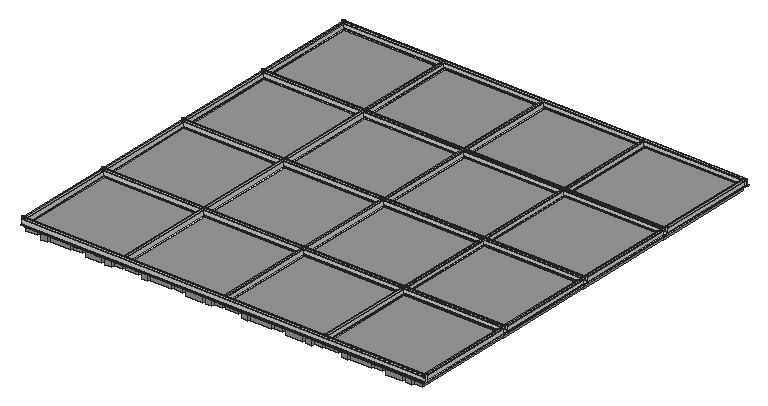
Revit family "GRD-FPG-013_TILE 003_RFA", category Modelos genéricos, Revit 2022 (continued)
Forms (in)
  Extrusion 293, solid, not visible
    sketch origin (0.02767, 82.90856, 0) x (1, 0, 0) y (0, 0, 1)
      loop
        line (0.38057, 0.6318) -> (-0.00639, 0.6318) -> (-0.00639, 0.59057) -> (0.8874, 0.59057) -> (0.8874, 0.6318) -> (0.49998, 0.6318)
        arc (0.49998, 0.6318) -> (0.47046, 0.64403) -> (0.45824, 0.67354) r 0.04174
        line (0.45824, 0.67354) -> (0.45834, 1.66259)
        arc (0.45834, 1.66259) -> (0.46543, 1.67969) -> (0.48252, 1.68677) r 0.02418
        line (0.48252, 1.68677) -> (0.52252, 1.68677)
        arc (0.52252, 1.68677) -> (0.55303, 1.69941) -> (0.56566, 1.72991) r 0.04314
        line (0.56566, 1.72991) -> (0.56566, 2.14095)
        arc (0.56566, 2.14095) -> (0.5626, 2.15637) -> (0.55386, 2.16944) r 0.04029
        line (0.55386, 2.16944) -> (0.47053, 2.25277)
        arc (0.47053, 2.25277) -> (0.44027, 2.2653) -> (0.41002, 2.25277) r 0.04279
        line (0.41002, 2.25277) -> (0.32669, 2.16944)
        arc (0.32669, 2.16944) -> (0.31795, 2.15637) -> (0.31489, 2.14095) r 0.04029
        line (0.31489, 2.14095) -> (0.31489, 1.72991)
        arc (0.31489, 1.72991) -> (0.32752, 1.69941) -> (0.35803, 1.68677) r 0.04314
        line (0.35803, 1.68677) -> (0.39803, 1.68677)
        arc (0.39803, 1.68677) -> (0.41512, 1.67969) -> (0.42221, 1.66259) r 0.02418
      loop
        arc (0.33294, 1.7291) -> (0.34005, 1.71194) -> (0.35722, 1.70483) r 0.02428
        line (0.35722, 1.70483) -> (0.39815, 1.70483)
        arc (0.39815, 1.70483) -> (0.42797, 1.69248) -> (0.44023, 1.66266) r 0.04217
        arc (0.44023, 1.66266) -> (0.45258, 1.69248) -> (0.4824, 1.70483) r 0.04217
        line (0.4824, 1.70483) -> (0.52333, 1.70483)
        arc (0.52333, 1.70483) -> (0.54049, 1.71194) -> (0.54761, 1.7291) r 0.02428
        line (0.54761, 1.7291) -> (0.54761, 2.15016) -> (0.45704, 2.24072)
        arc (0.45704, 2.24072) -> (0.44027, 2.24767) -> (0.42351, 2.24072) r 0.02371
        line (0.42351, 2.24072) -> (0.33294, 2.15016) -> (0.33294, 1.7291)
    from 58.93614 to 81.99864
  Extrusion 294, solid, not visible
    sketch origin (0, 0, 0) x (0, 1, 0) y (0, 0, 1)
      loop
        line (0.42221, 1.66259) -> (0.42231, 0.67354)
        arc (0.42231, 0.67354) -> (0.41009, 0.64403) -> (0.38057, 0.6318) r 0.04174
        line (0.38057, 0.6318) -> (-0.00639, 0.6318) -> (-0.00639, 0.59057) -> (0.8874, 0.59057) -> (0.8874, 0.6318) -> (0.49998, 0.6318)
        arc (0.49998, 0.6318) -> (0.47046, 0.64403) -> (0.45824, 0.67354) r 0.04174
        line (0.45824, 0.67354) -> (0.45834, 1.66259)
        arc (0.45834, 1.66259) -> (0.46543, 1.67969) -> (0.48252, 1.68677) r 0.02418
        line (0.48252, 1.68677) -> (0.52252, 1.68677)
        arc (0.52252, 1.68677) -> (0.55303, 1.69941) -> (0.56566, 1.72991) r 0.04314
        line (0.56566, 1.72991) -> (0.56566, 2.14095)
        arc (0.56566, 2.14095) -> (0.5626, 2.15637) -> (0.55386, 2.16944) r 0.04029
        line (0.55386, 2.16944) -> (0.47053, 2.25277)
        arc (0.47053, 2.25277) -> (0.44027, 2.2653) -> (0.41002, 2.25277) r 0.04279
        line (0.41002, 2.25277) -> (0.32669, 2.16944)
        arc (0.32669, 2.16944) -> (0.31795, 2.15637) -> (0.31489, 2.14095) r 0.04029
        line (0.31489, 2.14095) -> (0.31489, 1.72991)
        arc (0.31489, 1.72991) -> (0.32752, 1.69941) -> (0.35803, 1.68677) r 0.04314
        line (0.35803, 1.68677) -> (0.39803, 1.68677)
        arc (0.39803, 1.68677) -> (0.41512, 1.67969) -> (0.42221, 1.66259) r 0.02418
      loop
        arc (0.33294, 1.7291) -> (0.34005, 1.71194) -> (0.35722, 1.70483) r 0.02428
        line (0.35722, 1.70483) -> (0.39815, 1.70483)
        arc (0.39815, 1.70483) -> (0.42797, 1.69248) -> (0.44023, 1.66266) r 0.04217
        arc (0.44023, 1.66266) -> (0.45258, 1.69248) -> (0.4824, 1.70483) r 0.04217
        line (0.4824, 1.70483) -> (0.52333, 1.70483)
        arc (0.52333, 1.70483) -> (0.54049, 1.71194) -> (0.54761, 1.7291) r 0.02428
        line (0.54761, 1.7291) -> (0.54761, 2.15016) -> (0.45704, 2.24072)
        arc (0.45704, 2.24072) -> (0.44027, 2.24767) -> (0.42351, 2.24072) r 0.02371
        line (0.42351, 2.24072) -> (0.33294, 2.15016) -> (0.33294, 1.7291)
    from 0 to 96.9361
  Extrusion 295, solid, not visible
    sketch origin (0, 24, 0) x (0, 1, 0) y (0, 0, 1)
      loop
        line (0.42221, 1.66259) -> (0.42231, 0.67354)
        arc (0.42231, 0.67354) -> (0.41009, 0.64403) -> (0.38057, 0.6318) r 0.04174
        line (0.38057, 0.6318) -> (-0.00639, 0.6318) -> (-0.00639, 0.59057) -> (0.8874, 0.59057) -> (0.8874, 0.6318) -> (0.49998, 0.6318)
        arc (0.49998, 0.6318) -> (0.47046, 0.64403) -> (0.45824, 0.67354) r 0.04174
        line (0.45824, 0.67354) -> (0.45834, 1.66259)
        arc (0.45834, 1.66259) -> (0.46543, 1.67969) -> (0.48252, 1.68677) r 0.02418
        line (0.48252, 1.68677) -> (0.52252, 1.68677)
        arc (0.52252, 1.68677) -> (0.55303, 1.69941) -> (0.56566, 1.72991) r 0.04314
        line (0.56566, 1.72991) -> (0.56566, 2.14095)
        arc (0.56566, 2.14095) -> (0.5626, 2.15637) -> (0.55386, 2.16944) r 0.04029
        line (0.55386, 2.16944) -> (0.47053, 2.25277)
        arc (0.47053, 2.25277) -> (0.44027, 2.2653) -> (0.41002, 2.25277) r 0.04279
        line (0.41002, 2.25277) -> (0.32669, 2.16944)
        arc (0.32669, 2.16944) -> (0.31795, 2.15637) -> (0.31489, 2.14095) r 0.04029
        line (0.31489, 2.14095) -> (0.31489, 1.72991)
        arc (0.31489, 1.72991) -> (0.32752, 1.69941) -> (0.35803, 1.68677) r 0.04314
        line (0.35803, 1.68677) -> (0.39803, 1.68677)
        arc (0.39803, 1.68677) -> (0.41512, 1.67969) -> (0.42221, 1.66259) r 0.02418
      loop
        arc (0.33294, 1.7291) -> (0.34005, 1.71194) -> (0.35722, 1.70483) r 0.02428
        line (0.35722, 1.70483) -> (0.39815, 1.70483)
        arc (0.39815, 1.70483) -> (0.42797, 1.69248) -> (0.44023, 1.66266) r 0.04217
        arc (0.44023, 1.66266) -> (0.45258, 1.69248) -> (0.4824, 1.70483) r 0.04217
        line (0.4824, 1.70483) -> (0.52333, 1.70483)
        arc (0.52333, 1.70483) -> (0.54049, 1.71194) -> (0.54761, 1.7291) r 0.02428
        line (0.54761, 1.7291) -> (0.54761, 2.15016) -> (0.45704, 2.24072)
        arc (0.45704, 2.24072) -> (0.44027, 2.24767) -> (0.42351, 2.24072) r 0.02371
        line (0.42351, 2.24072) -> (0.33294, 2.15016) -> (0.33294, 1.7291)
    from 0 to 96.9361
  Extrusion 296, solid, not visible
    sketch origin (0, 48, 0) x (0, 1, 0) y (0, 0, 1)
      loop
        line (0.42221, 1.66259) -> (0.42231, 0.67354)
        arc (0.42231, 0.67354) -> (0.41009, 0.64403) -> (0.38057, 0.6318) r 0.04174
        line (0.38057, 0.6318) -> (-0.00639, 0.6318) -> (-0.00639, 0.59057) -> (0.8874, 0.59057) -> (0.8874, 0.6318) -> (0.49998, 0.6318)
        arc (0.49998, 0.6318) -> (0.47046, 0.64403) -> (0.45824, 0.67354) r 0.04174
        line (0.45824, 0.67354) -> (0.45834, 1.66259)
        arc (0.45834, 1.66259) -> (0.46543, 1.67969) -> (0.48252, 1.68677) r 0.02418
        line (0.48252, 1.68677) -> (0.52252, 1.68677)
        arc (0.52252, 1.68677) -> (0.55303, 1.69941) -> (0.56566, 1.72991) r 0.04314
        line (0.56566, 1.72991) -> (0.56566, 2.14095)
        arc (0.56566, 2.14095) -> (0.5626, 2.15637) -> (0.55386, 2.16944) r 0.04029
        line (0.55386, 2.16944) -> (0.47053, 2.25277)
        arc (0.47053, 2.25277) -> (0.44027, 2.2653) -> (0.41002, 2.25277) r 0.04279
        line (0.41002, 2.25277) -> (0.32669, 2.16944)
        arc (0.32669, 2.16944) -> (0.31795, 2.15637) -> (0.31489, 2.14095) r 0.04029
        line (0.31489, 2.14095) -> (0.31489, 1.72991)
        arc (0.31489, 1.72991) -> (0.32752, 1.69941) -> (0.35803, 1.68677) r 0.04314
        line (0.35803, 1.68677) -> (0.39803, 1.68677)
        arc (0.39803, 1.68677) -> (0.41512, 1.67969) -> (0.42221, 1.66259) r 0.02418
      loop
        arc (0.33294, 1.7291) -> (0.34005, 1.71194) -> (0.35722, 1.70483) r 0.02428
        line (0.35722, 1.70483) -> (0.39815, 1.70483)
        arc (0.39815, 1.70483) -> (0.42797, 1.69248) -> (0.44023, 1.66266) r 0.04217
        arc (0.44023, 1.66266) -> (0.45258, 1.69248) -> (0.4824, 1.70483) r 0.04217
        line (0.4824, 1.70483) -> (0.52333, 1.70483)
        arc (0.52333, 1.70483) -> (0.54049, 1.71194) -> (0.54761, 1.7291) r 0.02428
        line (0.54761, 1.7291) -> (0.54761, 2.15016) -> (0.45704, 2.24072)
        arc (0.45704, 2.24072) -> (0.44027, 2.24767) -> (0.42351, 2.24072) r 0.02371
        line (0.42351, 2.24072) -> (0.33294, 2.15016) -> (0.33294, 1.7291)
    from 0 to 96.9361
  Extrusion 297, solid, not visible
    sketch origin (0, 72, 0) x (0, 1, 0) y (0, 0, 1)
      loop
        line (0.42221, 1.66259) -> (0.42231, 0.67354)
        arc (0.42231, 0.67354) -> (0.41009, 0.64403) -> (0.38057, 0.6318) r 0.04174
        line (0.38057, 0.6318) -> (-0.00639, 0.6318) -> (-0.00639, 0.59057) -> (0.8874, 0.59057) -> (0.8874, 0.6318) -> (0.49998, 0.6318)
        arc (0.49998, 0.6318) -> (0.47046, 0.64403) -> (0.45824, 0.67354) r 0.04174
        line (0.45824, 0.67354) -> (0.45834, 1.66259)
        arc (0.45834, 1.66259) -> (0.46543, 1.67969) -> (0.48252, 1.68677) r 0.02418
        line (0.48252, 1.68677) -> (0.52252, 1.68677)
        arc (0.52252, 1.68677) -> (0.55303, 1.69941) -> (0.56566, 1.72991) r 0.04314
        line (0.56566, 1.72991) -> (0.56566, 2.14095)
        arc (0.56566, 2.14095) -> (0.5626, 2.15637) -> (0.55386, 2.16944) r 0.04029
        line (0.55386, 2.16944) -> (0.47053, 2.25277)
        arc (0.47053, 2.25277) -> (0.44027, 2.2653) -> (0.41002, 2.25277) r 0.04279
        line (0.41002, 2.25277) -> (0.32669, 2.16944)
        arc (0.32669, 2.16944) -> (0.31795, 2.15637) -> (0.31489, 2.14095) r 0.04029
        line (0.31489, 2.14095) -> (0.31489, 1.72991)
        arc (0.31489, 1.72991) -> (0.32752, 1.69941) -> (0.35803, 1.68677) r 0.04314
        line (0.35803, 1.68677) -> (0.39803, 1.68677)
        arc (0.39803, 1.68677) -> (0.41512, 1.67969) -> (0.42221, 1.66259) r 0.02418
      loop
        arc (0.33294, 1.7291) -> (0.34005, 1.71194) -> (0.35722, 1.70483) r 0.02428
        line (0.35722, 1.70483) -> (0.39815, 1.70483)
        arc (0.39815, 1.70483) -> (0.42797, 1.69248) -> (0.44023, 1.66266) r 0.04217
        arc (0.44023, 1.66266) -> (0.45258, 1.69248) -> (0.4824, 1.70483) r 0.04217
        line (0.4824, 1.70483) -> (0.52333, 1.70483)
        arc (0.52333, 1.70483) -> (0.54049, 1.71194) -> (0.54761, 1.7291) r 0.02428
        line (0.54761, 1.7291) -> (0.54761, 2.15016) -> (0.45704, 2.24072)
        arc (0.45704, 2.24072) -> (0.44027, 2.24767) -> (0.42351, 2.24072) r 0.02371
        line (0.42351, 2.24072) -> (0.33294, 2.15016) -> (0.33294, 1.7291)
    from 0 to 96.9361
  Extrusion 298, solid, not visible
    sketch origin (0, 96, 0) x (0, 1, 0) y (0, 0, 1)
      loop
        line (0.42221, 1.66259) -> (0.42231, 0.67354)
        arc (0.42231, 0.67354) -> (0.41009, 0.64403) -> (0.38057, 0.6318) r 0.04174
        line (0.38057, 0.6318) -> (-0.00639, 0.6318) -> (-0.00639, 0.59057) -> (0.8874, 0.59057) -> (0.8874, 0.6318) -> (0.49998, 0.6318)
        arc (0.49998, 0.6318) -> (0.47046, 0.64403) -> (0.45824, 0.67354) r 0.04174
        line (0.45824, 0.67354) -> (0.45834, 1.66259)
        arc (0.45834, 1.66259) -> (0.46543, 1.67969) -> (0.48252, 1.68677) r 0.02418
        line (0.48252, 1.68677) -> (0.52252, 1.68677)
        arc (0.52252, 1.68677) -> (0.55303, 1.69941) -> (0.56566, 1.72991) r 0.04314
        line (0.56566, 1.72991) -> (0.56566, 2.14095)
        arc (0.56566, 2.14095) -> (0.5626, 2.15637) -> (0.55386, 2.16944) r 0.04029
        line (0.55386, 2.16944) -> (0.47053, 2.25277)
        arc (0.47053, 2.25277) -> (0.44027, 2.2653) -> (0.41002, 2.25277) r 0.04279
        line (0.41002, 2.25277) -> (0.32669, 2.16944)
        arc (0.32669, 2.16944) -> (0.31795, 2.15637) -> (0.31489, 2.14095) r 0.04029
        line (0.31489, 2.14095) -> (0.31489, 1.72991)
        arc (0.31489, 1.72991) -> (0.32752, 1.69941) -> (0.35803, 1.68677) r 0.04314
        line (0.35803, 1.68677) -> (0.39803, 1.68677)
        arc (0.39803, 1.68677) -> (0.41512, 1.67969) -> (0.42221, 1.66259) r 0.02418
      loop
        arc (0.33294, 1.7291) -> (0.34005, 1.71194) -> (0.35722, 1.70483) r 0.02428
        line (0.35722, 1.70483) -> (0.39815, 1.70483)
        arc (0.39815, 1.70483) -> (0.42797, 1.69248) -> (0.44023, 1.66266) r 0.04217
        arc (0.44023, 1.66266) -> (0.45258, 1.69248) -> (0.4824, 1.70483) r 0.04217
        line (0.4824, 1.70483) -> (0.52333, 1.70483)
        arc (0.52333, 1.70483) -> (0.54049, 1.71194) -> (0.54761, 1.7291) r 0.02428
        line (0.54761, 1.7291) -> (0.54761, 2.15016) -> (0.45704, 2.24072)
        arc (0.45704, 2.24072) -> (0.44027, 2.24767) -> (0.42351, 2.24072) r 0.02371
        line (0.42351, 2.24072) -> (0.33294, 2.15016) -> (0.33294, 1.7291)
    from 0 to 96.9361
  Extrusion 299, solid, not visible
    sketch origin (48.02754, 154.90856, 0) x (1, 0, 0) y (0, 0, 1)
      loop
        line (0.42221, 1.66259) -> (0.42231, 0.67354)
        arc (0.42231, 0.67354) -> (0.41009, 0.64403) -> (0.38057, 0.6318) r 0.04174
        line (0.38057, 0.6318) -> (-0.00639, 0.6318) -> (-0.00639, 0.59057) -> (0.8874, 0.59057) -> (0.8874, 0.6318) -> (0.49998, 0.6318)
        arc (0.49998, 0.6318) -> (0.47046, 0.64403) -> (0.45824, 0.67354) r 0.04174
        line (0.45824, 0.67354) -> (0.45834, 1.66259)
        arc (0.45834, 1.66259) -> (0.46543, 1.67969) -> (0.48252, 1.68677) r 0.02418
        line (0.48252, 1.68677) -> (0.52252, 1.68677)
        arc (0.52252, 1.68677) -> (0.55303, 1.69941) -> (0.56566, 1.72991) r 0.04314
        line (0.56566, 1.72991) -> (0.56566, 2.14095)
        arc (0.56566, 2.14095) -> (0.5626, 2.15637) -> (0.55386, 2.16944) r 0.04029
        line (0.55386, 2.16944) -> (0.47053, 2.25277)
        arc (0.47053, 2.25277) -> (0.44027, 2.2653) -> (0.41002, 2.25277) r 0.04279
        line (0.41002, 2.25277) -> (0.32669, 2.16944)
        arc (0.32669, 2.16944) -> (0.31795, 2.15637) -> (0.31489, 2.14095) r 0.04029
        line (0.31489, 2.14095) -> (0.31489, 1.72991)
        arc (0.31489, 1.72991) -> (0.32752, 1.69941) -> (0.35803, 1.68677) r 0.04314
        line (0.35803, 1.68677) -> (0.39803, 1.68677)
        arc (0.39803, 1.68677) -> (0.41512, 1.67969) -> (0.42221, 1.66259) r 0.02418
      loop
        arc (0.33294, 1.7291) -> (0.34005, 1.71194) -> (0.35722, 1.70483) r 0.02428
        line (0.35722, 1.70483) -> (0.39815, 1.70483)
        arc (0.39815, 1.70483) -> (0.42797, 1.69248) -> (0.44023, 1.66266) r 0.04217
        arc (0.44023, 1.66266) -> (0.45258, 1.69248) -> (0.4824, 1.70483) r 0.04217
        line (0.4824, 1.70483) -> (0.52333, 1.70483)
        arc (0.52333, 1.70483) -> (0.54049, 1.71194) -> (0.54761, 1.7291) r 0.02428
        line (0.54761, 1.7291) -> (0.54761, 2.15016) -> (0.45704, 2.24072)
        arc (0.45704, 2.24072) -> (0.44027, 2.24767) -> (0.42351, 2.24072) r 0.02371
        line (0.42351, 2.24072) -> (0.33294, 2.15016) -> (0.33294, 1.7291)
    from 58.93614 to 81.99864
  Extrusion 300, solid, not visible
    sketch origin (72.02767, 154.90856, 0) x (1, 0, 0) y (0, 0, 1)
      loop
        line (0.42221, 1.66259) -> (0.42231, 0.67354)
        arc (0.42231, 0.67354) -> (0.41009, 0.64403) -> (0.38057, 0.6318) r 0.04174
        line (0.38057, 0.6318) -> (-0.00639, 0.6318) -> (-0.00639, 0.59057) -> (0.8874, 0.59057) -> (0.8874, 0.6318) -> (0.49998, 0.6318)
        arc (0.49998, 0.6318) -> (0.47046, 0.64403) -> (0.45824, 0.67354) r 0.04174
        line (0.45824, 0.67354) -> (0.45834, 1.66259)
        arc (0.45834, 1.66259) -> (0.46543, 1.67969) -> (0.48252, 1.68677) r 0.02418
        line (0.48252, 1.68677) -> (0.52252, 1.68677)
        arc (0.52252, 1.68677) -> (0.55303, 1.69941) -> (0.56566, 1.72991) r 0.04314
        line (0.56566, 1.72991) -> (0.56566, 2.14095)
        arc (0.56566, 2.14095) -> (0.5626, 2.15637) -> (0.55386, 2.16944) r 0.04029
        line (0.55386, 2.16944) -> (0.47053, 2.25277)
        arc (0.47053, 2.25277) -> (0.44027, 2.2653) -> (0.41002, 2.25277) r 0.04279
        line (0.41002, 2.25277) -> (0.32669, 2.16944)
        arc (0.32669, 2.16944) -> (0.31795, 2.15637) -> (0.31489, 2.14095) r 0.04029
        line (0.31489, 2.14095) -> (0.31489, 1.72991)
        arc (0.31489, 1.72991) -> (0.32752, 1.69941) -> (0.35803, 1.68677) r 0.04314
        line (0.35803, 1.68677) -> (0.39803, 1.68677)
        arc (0.39803, 1.68677) -> (0.41512, 1.67969) -> (0.42221, 1.66259) r 0.02418
      loop
        arc (0.33294, 1.7291) -> (0.34005, 1.71194) -> (0.35722, 1.70483) r 0.02428
        line (0.35722, 1.70483) -> (0.39815, 1.70483)
        arc (0.39815, 1.70483) -> (0.42797, 1.69248) -> (0.44023, 1.66266) r 0.04217
        arc (0.44023, 1.66266) -> (0.45258, 1.69248) -> (0.4824, 1.70483) r 0.04217
        line (0.4824, 1.70483) -> (0.52333, 1.70483)
        arc (0.52333, 1.70483) -> (0.54049, 1.71194) -> (0.54761, 1.7291) r 0.02428
        line (0.54761, 1.7291) -> (0.54761, 2.15016) -> (0.45704, 2.24072)
        arc (0.45704, 2.24072) -> (0.44027, 2.24767) -> (0.42351, 2.24072) r 0.02371
        line (0.42351, 2.24072) -> (0.33294, 2.15016) -> (0.33294, 1.7291)
    from 58.93614 to 81.99864
  Extrusion 301, solid, not visible
    sketch origin (96.02767, 154.90856, 0) x (1, 0, 0) y (0, 0, 1)
      loop
        line (0.42221, 1.66259) -> (0.42231, 0.67354)
        arc (0.42231, 0.67354) -> (0.41009, 0.64403) -> (0.38057, 0.6318) r 0.04174
        line (0.38057, 0.6318) -> (-0.00639, 0.6318) -> (-0.00639, 0.59057) -> (0.8874, 0.59057) -> (0.8874, 0.6318) -> (0.49998, 0.6318)
        arc (0.49998, 0.6318) -> (0.47046, 0.64403) -> (0.45824, 0.67354) r 0.04174
        line (0.45824, 0.67354) -> (0.45834, 1.66259)
        arc (0.45834, 1.66259) -> (0.46543, 1.67969) -> (0.48252, 1.68677) r 0.02418
        line (0.48252, 1.68677) -> (0.52252, 1.68677)
        arc (0.52252, 1.68677) -> (0.55303, 1.69941) -> (0.56566, 1.72991) r 0.04314
        line (0.56566, 1.72991) -> (0.56566, 2.14095)
        arc (0.56566, 2.14095) -> (0.5626, 2.15637) -> (0.55386, 2.16944) r 0.04029
        line (0.55386, 2.16944) -> (0.47053, 2.25277)
        arc (0.47053, 2.25277) -> (0.44027, 2.2653) -> (0.41002, 2.25277) r 0.04279
        line (0.41002, 2.25277) -> (0.32669, 2.16944)
        arc (0.32669, 2.16944) -> (0.31795, 2.15637) -> (0.31489, 2.14095) r 0.04029
        line (0.31489, 2.14095) -> (0.31489, 1.72991)
        arc (0.31489, 1.72991) -> (0.32752, 1.69941) -> (0.35803, 1.68677) r 0.04314
        line (0.35803, 1.68677) -> (0.39803, 1.68677)
        arc (0.39803, 1.68677) -> (0.41512, 1.67969) -> (0.42221, 1.66259) r 0.02418
      loop
        arc (0.33294, 1.7291) -> (0.34005, 1.71194) -> (0.35722, 1.70483) r 0.02428
        line (0.35722, 1.70483) -> (0.39815, 1.70483)
        arc (0.39815, 1.70483) -> (0.42797, 1.69248) -> (0.44023, 1.66266) r 0.04217
        arc (0.44023, 1.66266) -> (0.45258, 1.69248) -> (0.4824, 1.70483) r 0.04217
        line (0.4824, 1.70483) -> (0.52333, 1.70483)
        arc (0.52333, 1.70483) -> (0.54049, 1.71194) -> (0.54761, 1.7291) r 0.02428
        line (0.54761, 1.7291) -> (0.54761, 2.15016) -> (0.45704, 2.24072)
        arc (0.45704, 2.24072) -> (0.44027, 2.24767) -> (0.42351, 2.24072) r 0.02371
        line (0.42351, 2.24072) -> (0.33294, 2.15016) -> (0.33294, 1.7291)
    from 58.93614 to 81.99864
  Extrusion 302, solid, not visible
    sketch origin (24.02767, 154.90856, 0) x (1, 0, 0) y (0, 0, 1)
      loop
        line (0.42221, 1.66259) -> (0.42231, 0.67354)
        arc (0.42231, 0.67354) -> (0.41009, 0.64403) -> (0.38057, 0.6318) r 0.04174
        line (0.38057, 0.6318) -> (-0.00639, 0.6318) -> (-0.00639, 0.59057) -> (0.8874, 0.59057) -> (0.8874, 0.6318) -> (0.49998, 0.6318)
        arc (0.49998, 0.6318) -> (0.47046, 0.64403) -> (0.45824, 0.67354) r 0.04174
        line (0.45824, 0.67354) -> (0.45834, 1.66259)
        arc (0.45834, 1.66259) -> (0.46543, 1.67969) -> (0.48252, 1.68677) r 0.02418
        line (0.48252, 1.68677) -> (0.52252, 1.68677)
        arc (0.52252, 1.68677) -> (0.55303, 1.69941) -> (0.56566, 1.72991) r 0.04314
        line (0.56566, 1.72991) -> (0.56566, 2.14095)
        arc (0.56566, 2.14095) -> (0.5626, 2.15637) -> (0.55386, 2.16944) r 0.04029
        line (0.55386, 2.16944) -> (0.47053, 2.25277)
        arc (0.47053, 2.25277) -> (0.44027, 2.2653) -> (0.41002, 2.25277) r 0.04279
        line (0.41002, 2.25277) -> (0.32669, 2.16944)
        arc (0.32669, 2.16944) -> (0.31795, 2.15637) -> (0.31489, 2.14095) r 0.04029
        line (0.31489, 2.14095) -> (0.31489, 1.72991)
        arc (0.31489, 1.72991) -> (0.32752, 1.69941) -> (0.35803, 1.68677) r 0.04314
        line (0.35803, 1.68677) -> (0.39803, 1.68677)
        arc (0.39803, 1.68677) -> (0.41512, 1.67969) -> (0.42221, 1.66259) r 0.02418
      loop
        arc (0.33294, 1.7291) -> (0.34005, 1.71194) -> (0.35722, 1.70483) r 0.02428
        line (0.35722, 1.70483) -> (0.39815, 1.70483)
        arc (0.39815, 1.70483) -> (0.42797, 1.69248) -> (0.44023, 1.66266) r 0.04217
        arc (0.44023, 1.66266) -> (0.45258, 1.69248) -> (0.4824, 1.70483) r 0.04217
        line (0.4824, 1.70483) -> (0.52333, 1.70483)
        arc (0.52333, 1.70483) -> (0.54049, 1.71194) -> (0.54761, 1.7291) r 0.02428
        line (0.54761, 1.7291) -> (0.54761, 2.15016) -> (0.45704, 2.24072)
        arc (0.45704, 2.24072) -> (0.44027, 2.24767) -> (0.42351, 2.24072) r 0.02371
        line (0.42351, 2.24072) -> (0.33294, 2.15016) -> (0.33294, 1.7291)
    from 58.93614 to 81.99864
  Extrusion 303, solid, not visible
    sketch origin (0.02767, 154.90856, 0) x (1, 0, 0) y (0, 0, 1)
      loop
        line (0.42221, 1.66259) -> (0.42231, 0.67354)
        arc (0.42231, 0.67354) -> (0.41009, 0.64403) -> (0.38057, 0.6318) r 0.04174
        line (0.38057, 0.6318) -> (-0.00639, 0.6318) -> (-0.00639, 0.59057) -> (0.8874, 0.59057) -> (0.8874, 0.6318) -> (0.49998, 0.6318)
        arc (0.49998, 0.6318) -> (0.47046, 0.64403) -> (0.45824, 0.67354) r 0.04174
        line (0.45824, 0.67354) -> (0.45834, 1.66259)
        arc (0.45834, 1.66259) -> (0.46543, 1.67969) -> (0.48252, 1.68677) r 0.02418
        line (0.48252, 1.68677) -> (0.52252, 1.68677)
        arc (0.52252, 1.68677) -> (0.55303, 1.69941) -> (0.56566, 1.72991) r 0.04314
        line (0.56566, 1.72991) -> (0.56566, 2.14095)
        arc (0.56566, 2.14095) -> (0.5626, 2.15637) -> (0.55386, 2.16944) r 0.04029
        line (0.55386, 2.16944) -> (0.47053, 2.25277)
        arc (0.47053, 2.25277) -> (0.44027, 2.2653) -> (0.41002, 2.25277) r 0.04279
        line (0.41002, 2.25277) -> (0.32669, 2.16944)
        arc (0.32669, 2.16944) -> (0.31795, 2.15637) -> (0.31489, 2.14095) r 0.04029
        line (0.31489, 2.14095) -> (0.31489, 1.72991)
        arc (0.31489, 1.72991) -> (0.32752, 1.69941) -> (0.35803, 1.68677) r 0.04314
        line (0.35803, 1.68677) -> (0.39803, 1.68677)
        arc (0.39803, 1.68677) -> (0.41512, 1.67969) -> (0.42221, 1.66259) r 0.02418
      loop
        arc (0.33294, 1.7291) -> (0.34005, 1.71194) -> (0.35722, 1.70483) r 0.02428
        line (0.35722, 1.70483) -> (0.39815, 1.70483)
        arc (0.39815, 1.70483) -> (0.42797, 1.69248) -> (0.44023, 1.66266) r 0.04217
        arc (0.44023, 1.66266) -> (0.45258, 1.69248) -> (0.4824, 1.70483) r 0.04217
        line (0.4824, 1.70483) -> (0.52333, 1.70483)
        arc (0.52333, 1.70483) -> (0.54049, 1.71194) -> (0.54761, 1.7291) r 0.02428
        line (0.54761, 1.7291) -> (0.54761, 2.15016) -> (0.45704, 2.24072)
        arc (0.45704, 2.24072) -> (0.44027, 2.24767) -> (0.42351, 2.24072) r 0.02371
        line (0.42351, 2.24072) -> (0.33294, 2.15016) -> (0.33294, 1.7291)
    from 58.93614 to 81.99864
  Extrusion 304, solid, not visible
    sketch origin (48.02754, 130.90855, 0) x (1, 0, 0) y (0, 0, 1)
      loop
        line (0.42221, 1.66259) -> (0.42231, 0.67354)
        arc (0.42231, 0.67354) -> (0.41009, 0.64403) -> (0.38057, 0.6318) r 0.04174
        line (0.38057, 0.6318) -> (-0.00639, 0.6318) -> (-0.00639, 0.59057) -> (0.8874, 0.59057) -> (0.8874, 0.6318) -> (0.49998, 0.6318)
        arc (0.49998, 0.6318) -> (0.47046, 0.64403) -> (0.45824, 0.67354) r 0.04174
        line (0.45824, 0.67354) -> (0.45834, 1.66259)
        arc (0.45834, 1.66259) -> (0.46543, 1.67969) -> (0.48252, 1.68677) r 0.02418
        line (0.48252, 1.68677) -> (0.52252, 1.68677)
        arc (0.52252, 1.68677) -> (0.55303, 1.69941) -> (0.56566, 1.72991) r 0.04314
        line (0.56566, 1.72991) -> (0.56566, 2.14095)
        arc (0.56566, 2.14095) -> (0.5626, 2.15637) -> (0.55386, 2.16944) r 0.04029
        line (0.55386, 2.16944) -> (0.47053, 2.25277)
        arc (0.47053, 2.25277) -> (0.44027, 2.2653) -> (0.41002, 2.25277) r 0.04279
        line (0.41002, 2.25277) -> (0.32669, 2.16944)
        arc (0.32669, 2.16944) -> (0.31795, 2.15637) -> (0.31489, 2.14095) r 0.04029
        line (0.31489, 2.14095) -> (0.31489, 1.72991)
        arc (0.31489, 1.72991) -> (0.32752, 1.69941) -> (0.35803, 1.68677) r 0.04314
        line (0.35803, 1.68677) -> (0.39803, 1.68677)
        arc (0.39803, 1.68677) -> (0.41512, 1.67969) -> (0.42221, 1.66259) r 0.02418
      loop
        arc (0.33294, 1.7291) -> (0.34005, 1.71194) -> (0.35722, 1.70483) r 0.02428
        line (0.35722, 1.70483) -> (0.39815, 1.70483)
        arc (0.39815, 1.70483) -> (0.42797, 1.69248) -> (0.44023, 1.66266) r 0.04217
        arc (0.44023, 1.66266) -> (0.45258, 1.69248) -> (0.4824, 1.70483) r 0.04217
        line (0.4824, 1.70483) -> (0.52333, 1.70483)
        arc (0.52333, 1.70483) -> (0.54049, 1.71194) -> (0.54761, 1.7291) r 0.02428
        line (0.54761, 1.7291) -> (0.54761, 2.15016) -> (0.45704, 2.24072)
        arc (0.45704, 2.24072) -> (0.44027, 2.24767) -> (0.42351, 2.24072) r 0.02371
        line (0.42351, 2.24072) -> (0.33294, 2.15016) -> (0.33294, 1.7291)
    from 58.93614 to 81.99864
  Extrusion 305, solid, not visible
    sketch origin (72.02767, 130.90855, 0) x (1, 0, 0) y (0, 0, 1)
      loop
        line (0.42221, 1.66259) -> (0.42231, 0.67354)
        arc (0.42231, 0.67354) -> (0.41009, 0.64403) -> (0.38057, 0.6318) r 0.04174
        line (0.38057, 0.6318) -> (-0.00639, 0.6318) -> (-0.00639, 0.59057) -> (0.8874, 0.59057) -> (0.8874, 0.6318) -> (0.49998, 0.6318)
        arc (0.49998, 0.6318) -> (0.47046, 0.64403) -> (0.45824, 0.67354) r 0.04174
        line (0.45824, 0.67354) -> (0.45834, 1.66259)
        arc (0.45834, 1.66259) -> (0.46543, 1.67969) -> (0.48252, 1.68677) r 0.02418
        line (0.48252, 1.68677) -> (0.52252, 1.68677)
        arc (0.52252, 1.68677) -> (0.55303, 1.69941) -> (0.56566, 1.72991) r 0.04314
        line (0.56566, 1.72991) -> (0.56566, 2.14095)
        arc (0.56566, 2.14095) -> (0.5626, 2.15637) -> (0.55386, 2.16944) r 0.04029
        line (0.55386, 2.16944) -> (0.47053, 2.25277)
        arc (0.47053, 2.25277) -> (0.44027, 2.2653) -> (0.41002, 2.25277) r 0.04279
        line (0.41002, 2.25277) -> (0.32669, 2.16944)
        arc (0.32669, 2.16944) -> (0.31795, 2.15637) -> (0.31489, 2.14095) r 0.04029
        line (0.31489, 2.14095) -> (0.31489, 1.72991)
        arc (0.31489, 1.72991) -> (0.32752, 1.69941) -> (0.35803, 1.68677) r 0.04314
        line (0.35803, 1.68677) -> (0.39803, 1.68677)
        arc (0.39803, 1.68677) -> (0.41512, 1.67969) -> (0.42221, 1.66259) r 0.02418
      loop
        arc (0.33294, 1.7291) -> (0.34005, 1.71194) -> (0.35722, 1.70483) r 0.02428
        line (0.35722, 1.70483) -> (0.39815, 1.70483)
        arc (0.39815, 1.70483) -> (0.42797, 1.69248) -> (0.44023, 1.66266) r 0.04217
        arc (0.44023, 1.66266) -> (0.45258, 1.69248) -> (0.4824, 1.70483) r 0.04217
        line (0.4824, 1.70483) -> (0.52333, 1.70483)
        arc (0.52333, 1.70483) -> (0.54049, 1.71194) -> (0.54761, 1.7291) r 0.02428
        line (0.54761, 1.7291) -> (0.54761, 2.15016) -> (0.45704, 2.24072)
        arc (0.45704, 2.24072) -> (0.44027, 2.24767) -> (0.42351, 2.24072) r 0.02371
        line (0.42351, 2.24072) -> (0.33294, 2.15016) -> (0.33294, 1.7291)
    from 58.93614 to 81.99864
  Extrusion 306, solid, not visible
    sketch origin (96.02767, 130.90855, 0) x (1, 0, 0) y (0, 0, 1)
      loop
        line (0.42221, 1.66259) -> (0.42231, 0.67354)
        arc (0.42231, 0.67354) -> (0.41009, 0.64403) -> (0.38057, 0.6318) r 0.04174
        line (0.38057, 0.6318) -> (-0.00639, 0.6318) -> (-0.00639, 0.59057) -> (0.8874, 0.59057) -> (0.8874, 0.6318) -> (0.49998, 0.6318)
        arc (0.49998, 0.6318) -> (0.47046, 0.64403) -> (0.45824, 0.67354) r 0.04174
        line (0.45824, 0.67354) -> (0.45834, 1.66259)
        arc (0.45834, 1.66259) -> (0.46543, 1.67969) -> (0.48252, 1.68677) r 0.02418
        line (0.48252, 1.68677) -> (0.52252, 1.68677)
        arc (0.52252, 1.68677) -> (0.55303, 1.69941) -> (0.56566, 1.72991) r 0.04314
        line (0.56566, 1.72991) -> (0.56566, 2.14095)
        arc (0.56566, 2.14095) -> (0.5626, 2.15637) -> (0.55386, 2.16944) r 0.04029
        line (0.55386, 2.16944) -> (0.47053, 2.25277)
        arc (0.47053, 2.25277) -> (0.44027, 2.2653) -> (0.41002, 2.25277) r 0.04279
        line (0.41002, 2.25277) -> (0.32669, 2.16944)
        arc (0.32669, 2.16944) -> (0.31795, 2.15637) -> (0.31489, 2.14095) r 0.04029
        line (0.31489, 2.14095) -> (0.31489, 1.72991)
        arc (0.31489, 1.72991) -> (0.32752, 1.69941) -> (0.35803, 1.68677) r 0.04314
        line (0.35803, 1.68677) -> (0.39803, 1.68677)
        arc (0.39803, 1.68677) -> (0.41512, 1.67969) -> (0.42221, 1.66259) r 0.02418
      loop
        arc (0.33294, 1.7291) -> (0.34005, 1.71194) -> (0.35722, 1.70483) r 0.02428
        line (0.35722, 1.70483) -> (0.39815, 1.70483)
        arc (0.39815, 1.70483) -> (0.42797, 1.69248) -> (0.44023, 1.66266) r 0.04217
        arc (0.44023, 1.66266) -> (0.45258, 1.69248) -> (0.4824, 1.70483) r 0.04217
        line (0.4824, 1.70483) -> (0.52333, 1.70483)
        arc (0.52333, 1.70483) -> (0.54049, 1.71194) -> (0.54761, 1.7291) r 0.02428
        line (0.54761, 1.7291) -> (0.54761, 2.15016) -> (0.45704, 2.24072)
        arc (0.45704, 2.24072) -> (0.44027, 2.24767) -> (0.42351, 2.24072) r 0.02371
        line (0.42351, 2.24072) -> (0.33294, 2.15016) -> (0.33294, 1.7291)
    from 58.93614 to 81.99864
  Extrusion 307, solid, not visible
    sketch origin (24.02767, 130.90855, 0) x (1, 0, 0) y (0, 0, 1)
      loop
        line (0.42221, 1.66259) -> (0.42231, 0.67354)
        arc (0.42231, 0.67354) -> (0.41009, 0.64403) -> (0.38057, 0.6318) r 0.04174
        line (0.38057, 0.6318) -> (-0.00639, 0.6318) -> (-0.00639, 0.59057) -> (0.8874, 0.59057) -> (0.8874, 0.6318) -> (0.49998, 0.6318)
        arc (0.49998, 0.6318) -> (0.47046, 0.64403) -> (0.45824, 0.67354) r 0.04174
        line (0.45824, 0.67354) -> (0.45834, 1.66259)
        arc (0.45834, 1.66259) -> (0.46543, 1.67969) -> (0.48252, 1.68677) r 0.02418
        line (0.48252, 1.68677) -> (0.52252, 1.68677)
        arc (0.52252, 1.68677) -> (0.55303, 1.69941) -> (0.56566, 1.72991) r 0.04314
        line (0.56566, 1.72991) -> (0.56566, 2.14095)
        arc (0.56566, 2.14095) -> (0.5626, 2.15637) -> (0.55386, 2.16944) r 0.04029
        line (0.55386, 2.16944) -> (0.47053, 2.25277)
        arc (0.47053, 2.25277) -> (0.44027, 2.2653) -> (0.41002, 2.25277) r 0.04279
        line (0.41002, 2.25277) -> (0.32669, 2.16944)
        arc (0.32669, 2.16944) -> (0.31795, 2.15637) -> (0.31489, 2.14095) r 0.04029
        line (0.31489, 2.14095) -> (0.31489, 1.72991)
        arc (0.31489, 1.72991) -> (0.32752, 1.69941) -> (0.35803, 1.68677) r 0.04314
        line (0.35803, 1.68677) -> (0.39803, 1.68677)
        arc (0.39803, 1.68677) -> (0.41512, 1.67969) -> (0.42221, 1.66259) r 0.02418
      loop
        arc (0.33294, 1.7291) -> (0.34005, 1.71194) -> (0.35722, 1.70483) r 0.02428
        line (0.35722, 1.70483) -> (0.39815, 1.70483)
        arc (0.39815, 1.70483) -> (0.42797, 1.69248) -> (0.44023, 1.66266) r 0.04217
        arc (0.44023, 1.66266) -> (0.45258, 1.69248) -> (0.4824, 1.70483) r 0.04217
        line (0.4824, 1.70483) -> (0.52333, 1.70483)
        arc (0.52333, 1.70483) -> (0.54049, 1.71194) -> (0.54761, 1.7291) r 0.02428
        line (0.54761, 1.7291) -> (0.54761, 2.15016) -> (0.45704, 2.24072)
        arc (0.45704, 2.24072) -> (0.44027, 2.24767) -> (0.42351, 2.24072) r 0.02371
        line (0.42351, 2.24072) -> (0.33294, 2.15016) -> (0.33294, 1.7291)
    from 58.93614 to 81.99864
  Extrusion 308, solid, not visible
    sketch origin (0.02767, 130.90855, 0) x (1, 0, 0) y (0, 0, 1)
      loop
        line (0.42221, 1.66259) -> (0.42231, 0.67354)
        arc (0.42231, 0.67354) -> (0.41009, 0.64403) -> (0.38057, 0.6318) r 0.04174
        line (0.38057, 0.6318) -> (-0.00639, 0.6318) -> (-0.00639, 0.59057) -> (0.8874, 0.59057) -> (0.8874, 0.6318) -> (0.49998, 0.6318)
        arc (0.49998, 0.6318) -> (0.47046, 0.64403) -> (0.45824, 0.67354) r 0.04174
        line (0.45824, 0.67354) -> (0.45834, 1.66259)
        arc (0.45834, 1.66259) -> (0.46543, 1.67969) -> (0.48252, 1.68677) r 0.02418
        line (0.48252, 1.68677) -> (0.52252, 1.68677)
        arc (0.52252, 1.68677) -> (0.55303, 1.69941) -> (0.56566, 1.72991) r 0.04314
        line (0.56566, 1.72991) -> (0.56566, 2.14095)
        arc (0.56566, 2.14095) -> (0.5626, 2.15637) -> (0.55386, 2.16944) r 0.04029
        line (0.55386, 2.16944) -> (0.47053, 2.25277)
        arc (0.47053, 2.25277) -> (0.44027, 2.2653) -> (0.41002, 2.25277) r 0.04279
        line (0.41002, 2.25277) -> (0.32669, 2.16944)
        arc (0.32669, 2.16944) -> (0.31795, 2.15637) -> (0.31489, 2.14095) r 0.04029
        line (0.31489, 2.14095) -> (0.31489, 1.72991)
        arc (0.31489, 1.72991) -> (0.32752, 1.69941) -> (0.35803, 1.68677) r 0.04314
        line (0.35803, 1.68677) -> (0.39803, 1.68677)
        arc (0.39803, 1.68677) -> (0.41512, 1.67969) -> (0.42221, 1.66259) r 0.02418
      loop
        arc (0.33294, 1.7291) -> (0.34005, 1.71194) -> (0.35722, 1.70483) r 0.02428
        line (0.35722, 1.70483) -> (0.39815, 1.70483)
        arc (0.39815, 1.70483) -> (0.42797, 1.69248) -> (0.44023, 1.66266) r 0.04217
        arc (0.44023, 1.66266) -> (0.45258, 1.69248) -> (0.4824, 1.70483) r 0.04217
        line (0.4824, 1.70483) -> (0.52333, 1.70483)
        arc (0.52333, 1.70483) -> (0.54049, 1.71194) -> (0.54761, 1.7291) r 0.02428
        line (0.54761, 1.7291) -> (0.54761, 2.15016) -> (0.45704, 2.24072)
        arc (0.45704, 2.24072) -> (0.44027, 2.24767) -> (0.42351, 2.24072) r 0.02371
        line (0.42351, 2.24072) -> (0.33294, 2.15016) -> (0.33294, 1.7291)
    from 58.93614 to 81.99864
  Extrusion 309, solid, not visible
    sketch origin (48.02754, 106.90856, 0) x (1, 0, 0) y (0, 0, 1)
      loop
        line (0.42221, 1.66259) -> (0.42231, 0.67354)
        arc (0.42231, 0.67354) -> (0.41009, 0.64403) -> (0.38057, 0.6318) r 0.04174
        line (0.38057, 0.6318) -> (-0.00639, 0.6318) -> (-0.00639, 0.59057) -> (0.8874, 0.59057) -> (0.8874, 0.6318) -> (0.49998, 0.6318)
        arc (0.49998, 0.6318) -> (0.47046, 0.64403) -> (0.45824, 0.67354) r 0.04174
        line (0.45824, 0.67354) -> (0.45834, 1.66259)
        arc (0.45834, 1.66259) -> (0.46543, 1.67969) -> (0.48252, 1.68677) r 0.02418
        line (0.48252, 1.68677) -> (0.52252, 1.68677)
        arc (0.52252, 1.68677) -> (0.55303, 1.69941) -> (0.56566, 1.72991) r 0.04314
        line (0.56566, 1.72991) -> (0.56566, 2.14095)
        arc (0.56566, 2.14095) -> (0.5626, 2.15637) -> (0.55386, 2.16944) r 0.04029
        line (0.55386, 2.16944) -> (0.47053, 2.25277)
        arc (0.47053, 2.25277) -> (0.44027, 2.2653) -> (0.41002, 2.25277) r 0.04279
        line (0.41002, 2.25277) -> (0.32669, 2.16944)
        arc (0.32669, 2.16944) -> (0.31795, 2.15637) -> (0.31489, 2.14095) r 0.04029
        line (0.31489, 2.14095) -> (0.31489, 1.72991)
        arc (0.31489, 1.72991) -> (0.32752, 1.69941) -> (0.35803, 1.68677) r 0.04314
        line (0.35803, 1.68677) -> (0.39803, 1.68677)
        arc (0.39803, 1.68677) -> (0.41512, 1.67969) -> (0.42221, 1.66259) r 0.02418
      loop
        arc (0.33294, 1.7291) -> (0.34005, 1.71194) -> (0.35722, 1.70483) r 0.02428
        line (0.35722, 1.70483) -> (0.39815, 1.70483)
        arc (0.39815, 1.70483) -> (0.42797, 1.69248) -> (0.44023, 1.66266) r 0.04217
        arc (0.44023, 1.66266) -> (0.45258, 1.69248) -> (0.4824, 1.70483) r 0.04217
        line (0.4824, 1.70483) -> (0.52333, 1.70483)
        arc (0.52333, 1.70483) -> (0.54049, 1.71194) -> (0.54761, 1.7291) r 0.02428
        line (0.54761, 1.7291) -> (0.54761, 2.15016) -> (0.45704, 2.24072)
        arc (0.45704, 2.24072) -> (0.44027, 2.24767) -> (0.42351, 2.24072) r 0.02371
        line (0.42351, 2.24072) -> (0.33294, 2.15016) -> (0.33294, 1.7291)
    from 58.93614 to 81.99864
  Extrusion 310, solid, not visible
    sketch origin (72.02767, 106.90856, 0) x (1, 0, 0) y (0, 0, 1)
      loop
        line (0.42221, 1.66259) -> (0.42231, 0.67354)
        arc (0.42231, 0.67354) -> (0.41009, 0.64403) -> (0.38057, 0.6318) r 0.04174
        line (0.38057, 0.6318) -> (-0.00639, 0.6318) -> (-0.00639, 0.59057) -> (0.8874, 0.59057) -> (0.8874, 0.6318) -> (0.49998, 0.6318)
        arc (0.49998, 0.6318) -> (0.47046, 0.64403) -> (0.45824, 0.67354) r 0.04174
        line (0.45824, 0.67354) -> (0.45834, 1.66259)
        arc (0.45834, 1.66259) -> (0.46543, 1.67969) -> (0.48252, 1.68677) r 0.02418
        line (0.48252, 1.68677) -> (0.52252, 1.68677)
        arc (0.52252, 1.68677) -> (0.55303, 1.69941) -> (0.56566, 1.72991) r 0.04314
        line (0.56566, 1.72991) -> (0.56566, 2.14095)
        arc (0.56566, 2.14095) -> (0.5626, 2.15637) -> (0.55386, 2.16944) r 0.04029
        line (0.55386, 2.16944) -> (0.47053, 2.25277)
        arc (0.47053, 2.25277) -> (0.44027, 2.2653) -> (0.41002, 2.25277) r 0.04279
        line (0.41002, 2.25277) -> (0.32669, 2.16944)
        arc (0.32669, 2.16944) -> (0.31795, 2.15637) -> (0.31489, 2.14095) r 0.04029
        line (0.31489, 2.14095) -> (0.31489, 1.72991)
        arc (0.31489, 1.72991) -> (0.32752, 1.69941) -> (0.35803, 1.68677) r 0.04314
        line (0.35803, 1.68677) -> (0.39803, 1.68677)
        arc (0.39803, 1.68677) -> (0.41512, 1.67969) -> (0.42221, 1.66259) r 0.02418
      loop
        arc (0.33294, 1.7291) -> (0.34005, 1.71194) -> (0.35722, 1.70483) r 0.02428
        line (0.35722, 1.70483) -> (0.39815, 1.70483)
        arc (0.39815, 1.70483) -> (0.42797, 1.69248) -> (0.44023, 1.66266) r 0.04217
        arc (0.44023, 1.66266) -> (0.45258, 1.69248) -> (0.4824, 1.70483) r 0.04217
        line (0.4824, 1.70483) -> (0.52333, 1.70483)
        arc (0.52333, 1.70483) -> (0.54049, 1.71194) -> (0.54761, 1.7291) r 0.02428
        line (0.54761, 1.7291) -> (0.54761, 2.15016) -> (0.45704, 2.24072)
        arc (0.45704, 2.24072) -> (0.44027, 2.24767) -> (0.42351, 2.24072) r 0.02371
        line (0.42351, 2.24072) -> (0.33294, 2.15016) -> (0.33294, 1.7291)
    from 58.93614 to 81.99864
  Extrusion 311, solid, not visible
    sketch origin (96.02767, 106.90856, 0) x (1, 0, 0) y (0, 0, 1)
      loop
        line (0.42221, 1.66259) -> (0.42231, 0.67354)
        arc (0.42231, 0.67354) -> (0.41009, 0.64403) -> (0.38057, 0.6318) r 0.04174
        line (0.38057, 0.6318) -> (-0.00639, 0.6318) -> (-0.00639, 0.59057) -> (0.8874, 0.59057) -> (0.8874, 0.6318) -> (0.49998, 0.6318)
        arc (0.49998, 0.6318) -> (0.47046, 0.64403) -> (0.45824, 0.67354) r 0.04174
        line (0.45824, 0.67354) -> (0.45834, 1.66259)
        arc (0.45834, 1.66259) -> (0.46543, 1.67969) -> (0.48252, 1.68677) r 0.02418
        line (0.48252, 1.68677) -> (0.52252, 1.68677)
        arc (0.52252, 1.68677) -> (0.55303, 1.69941) -> (0.56566, 1.72991) r 0.04314
        line (0.56566, 1.72991) -> (0.56566, 2.14095)
        arc (0.56566, 2.14095) -> (0.5626, 2.15637) -> (0.55386, 2.16944) r 0.04029
        line (0.55386, 2.16944) -> (0.47053, 2.25277)
        arc (0.47053, 2.25277) -> (0.44027, 2.2653) -> (0.41002, 2.25277) r 0.04279
        line (0.41002, 2.25277) -> (0.32669, 2.16944)
        arc (0.32669, 2.16944) -> (0.31795, 2.15637) -> (0.31489, 2.14095) r 0.04029
        line (0.31489, 2.14095) -> (0.31489, 1.72991)
        arc (0.31489, 1.72991) -> (0.32752, 1.69941) -> (0.35803, 1.68677) r 0.04314
        line (0.35803, 1.68677) -> (0.39803, 1.68677)
        arc (0.39803, 1.68677) -> (0.41512, 1.67969) -> (0.42221, 1.66259) r 0.02418
      loop
        arc (0.33294, 1.7291) -> (0.34005, 1.71194) -> (0.35722, 1.70483) r 0.02428
        line (0.35722, 1.70483) -> (0.39815, 1.70483)
        arc (0.39815, 1.70483) -> (0.42797, 1.69248) -> (0.44023, 1.66266) r 0.04217
        arc (0.44023, 1.66266) -> (0.45258, 1.69248) -> (0.4824, 1.70483) r 0.04217
        line (0.4824, 1.70483) -> (0.52333, 1.70483)
        arc (0.52333, 1.70483) -> (0.54049, 1.71194) -> (0.54761, 1.7291) r 0.02428
        line (0.54761, 1.7291) -> (0.54761, 2.15016) -> (0.45704, 2.24072)
        arc (0.45704, 2.24072) -> (0.44027, 2.24767) -> (0.42351, 2.24072) r 0.02371
        line (0.42351, 2.24072) -> (0.33294, 2.15016) -> (0.33294, 1.7291)
    from 58.93614 to 81.99864
  Extrusion 312, solid, not visible
    sketch origin (24.02767, 106.90856, 0) x (1, 0, 0) y (0, 0, 1)
      loop
        line (0.42221, 1.66259) -> (0.42231, 0.67354)
        arc (0.42231, 0.67354) -> (0.41009, 0.64403) -> (0.38057, 0.6318) r 0.04174
        line (0.38057, 0.6318) -> (-0.00639, 0.6318) -> (-0.00639, 0.59057) -> (0.8874, 0.59057) -> (0.8874, 0.6318) -> (0.49998, 0.6318)
        arc (0.49998, 0.6318) -> (0.47046, 0.64403) -> (0.45824, 0.67354) r 0.04174
        line (0.45824, 0.67354) -> (0.45834, 1.66259)
        arc (0.45834, 1.66259) -> (0.46543, 1.67969) -> (0.48252, 1.68677) r 0.02418
        line (0.48252, 1.68677) -> (0.52252, 1.68677)
        arc (0.52252, 1.68677) -> (0.55303, 1.69941) -> (0.56566, 1.72991) r 0.04314
        line (0.56566, 1.72991) -> (0.56566, 2.14095)
        arc (0.56566, 2.14095) -> (0.5626, 2.15637) -> (0.55386, 2.16944) r 0.04029
        line (0.55386, 2.16944) -> (0.47053, 2.25277)
        arc (0.47053, 2.25277) -> (0.44027, 2.2653) -> (0.41002, 2.25277) r 0.04279
        line (0.41002, 2.25277) -> (0.32669, 2.16944)
        arc (0.32669, 2.16944) -> (0.31795, 2.15637) -> (0.31489, 2.14095) r 0.04029
        line (0.31489, 2.14095) -> (0.31489, 1.72991)
        arc (0.31489, 1.72991) -> (0.32752, 1.69941) -> (0.35803, 1.68677) r 0.04314
        line (0.35803, 1.68677) -> (0.39803, 1.68677)
        arc (0.39803, 1.68677) -> (0.41512, 1.67969) -> (0.42221, 1.66259) r 0.02418
      loop
        arc (0.33294, 1.7291) -> (0.34005, 1.71194) -> (0.35722, 1.70483) r 0.02428
        line (0.35722, 1.70483) -> (0.39815, 1.70483)
        arc (0.39815, 1.70483) -> (0.42797, 1.69248) -> (0.44023, 1.66266) r 0.04217
        arc (0.44023, 1.66266) -> (0.45258, 1.69248) -> (0.4824, 1.70483) r 0.04217
        line (0.4824, 1.70483) -> (0.52333, 1.70483)
        arc (0.52333, 1.70483) -> (0.54049, 1.71194) -> (0.54761, 1.7291) r 0.02428
        line (0.54761, 1.7291) -> (0.54761, 2.15016) -> (0.45704, 2.24072)
        arc (0.45704, 2.24072) -> (0.44027, 2.24767) -> (0.42351, 2.24072) r 0.02371
        line (0.42351, 2.24072) -> (0.33294, 2.15016) -> (0.33294, 1.7291)
    from 58.93614 to 81.99864
  Extrusion 313, solid, not visible
    sketch origin (0.02767, 106.90856, 0) x (1, 0, 0) y (0, 0, 1)
      loop
        line (0.42221, 1.66259) -> (0.42231, 0.67354)
        arc (0.42231, 0.67354) -> (0.41009, 0.64403) -> (0.38057, 0.6318) r 0.04174
        line (0.38057, 0.6318) -> (-0.00639, 0.6318) -> (-0.00639, 0.59057) -> (0.8874, 0.59057) -> (0.8874, 0.6318) -> (0.49998, 0.6318)
        arc (0.49998, 0.6318) -> (0.47046, 0.64403) -> (0.45824, 0.67354) r 0.04174
        line (0.45824, 0.67354) -> (0.45834, 1.66259)
        arc (0.45834, 1.66259) -> (0.46543, 1.67969) -> (0.48252, 1.68677) r 0.02418
        line (0.48252, 1.68677) -> (0.52252, 1.68677)
        arc (0.52252, 1.68677) -> (0.55303, 1.69941) -> (0.56566, 1.72991) r 0.04314
        line (0.56566, 1.72991) -> (0.56566, 2.14095)
        arc (0.56566, 2.14095) -> (0.5626, 2.15637) -> (0.55386, 2.16944) r 0.04029
        line (0.55386, 2.16944) -> (0.47053, 2.25277)
        arc (0.47053, 2.25277) -> (0.44027, 2.2653) -> (0.41002, 2.25277) r 0.04279
        line (0.41002, 2.25277) -> (0.32669, 2.16944)
        arc (0.32669, 2.16944) -> (0.31795, 2.15637) -> (0.31489, 2.14095) r 0.04029
        line (0.31489, 2.14095) -> (0.31489, 1.72991)
        arc (0.31489, 1.72991) -> (0.32752, 1.69941) -> (0.35803, 1.68677) r 0.04314
        line (0.35803, 1.68677) -> (0.39803, 1.68677)
        arc (0.39803, 1.68677) -> (0.41512, 1.67969) -> (0.42221, 1.66259) r 0.02418
      loop
        arc (0.33294, 1.7291) -> (0.34005, 1.71194) -> (0.35722, 1.70483) r 0.02428
        line (0.35722, 1.70483) -> (0.39815, 1.70483)
        arc (0.39815, 1.70483) -> (0.42797, 1.69248) -> (0.44023, 1.66266) r 0.04217
        arc (0.44023, 1.66266) -> (0.45258, 1.69248) -> (0.4824, 1.70483) r 0.04217
        line (0.4824, 1.70483) -> (0.52333, 1.70483)
        arc (0.52333, 1.70483) -> (0.54049, 1.71194) -> (0.54761, 1.7291) r 0.02428
        line (0.54761, 1.7291) -> (0.54761, 2.15016) -> (0.45704, 2.24072)
        arc (0.45704, 2.24072) -> (0.44027, 2.24767) -> (0.42351, 2.24072) r 0.02371
        line (0.42351, 2.24072) -> (0.33294, 2.15016) -> (0.33294, 1.7291)
    from 58.93614 to 81.99864
  Extrusion 314, solid, not visible
    sketch origin (48.02754, 82.90856, 0) x (1, 0, 0) y (0, 0, 1)
      loop
        line (0.42221, 1.66259) -> (0.42231, 0.67354)
        arc (0.42231, 0.67354) -> (0.41009, 0.64403) -> (0.38057, 0.6318) r 0.04174
        line (0.38057, 0.6318) -> (-0.00639, 0.6318) -> (-0.00639, 0.59057) -> (0.8874, 0.59057) -> (0.8874, 0.6318) -> (0.49998, 0.6318)
        arc (0.49998, 0.6318) -> (0.47046, 0.64403) -> (0.45824, 0.67354) r 0.04174
        line (0.45824, 0.67354) -> (0.45834, 1.66259)
        arc (0.45834, 1.66259) -> (0.46543, 1.67969) -> (0.48252, 1.68677) r 0.02418
        line (0.48252, 1.68677) -> (0.52252, 1.68677)
        arc (0.52252, 1.68677) -> (0.55303, 1.69941) -> (0.56566, 1.72991) r 0.04314
        line (0.56566, 1.72991) -> (0.56566, 2.14095)
        arc (0.56566, 2.14095) -> (0.5626, 2.15637) -> (0.55386, 2.16944) r 0.04029
        line (0.55386, 2.16944) -> (0.47053, 2.25277)
        arc (0.47053, 2.25277) -> (0.44027, 2.2653) -> (0.41002, 2.25277) r 0.04279
        line (0.41002, 2.25277) -> (0.32669, 2.16944)
        arc (0.32669, 2.16944) -> (0.31795, 2.15637) -> (0.31489, 2.14095) r 0.04029
        line (0.31489, 2.14095) -> (0.31489, 1.72991)
        arc (0.31489, 1.72991) -> (0.32752, 1.69941) -> (0.35803, 1.68677) r 0.04314
        line (0.35803, 1.68677) -> (0.39803, 1.68677)
        arc (0.39803, 1.68677) -> (0.41512, 1.67969) -> (0.42221, 1.66259) r 0.02418
      loop
        arc (0.33294, 1.7291) -> (0.34005, 1.71194) -> (0.35722, 1.70483) r 0.02428
        line (0.35722, 1.70483) -> (0.39815, 1.70483)
        arc (0.39815, 1.70483) -> (0.42797, 1.69248) -> (0.44023, 1.66266) r 0.04217
        arc (0.44023, 1.66266) -> (0.45258, 1.69248) -> (0.4824, 1.70483) r 0.04217
        line (0.4824, 1.70483) -> (0.52333, 1.70483)
        arc (0.52333, 1.70483) -> (0.54049, 1.71194) -> (0.54761, 1.7291) r 0.02428
        line (0.54761, 1.7291) -> (0.54761, 2.15016) -> (0.45704, 2.24072)
        arc (0.45704, 2.24072) -> (0.44027, 2.24767) -> (0.42351, 2.24072) r 0.02371
        line (0.42351, 2.24072) -> (0.33294, 2.15016) -> (0.33294, 1.7291)
    from 58.93614 to 81.99864
  Extrusion 315, solid, not visible
    sketch origin (72.02767, 82.90856, 0) x (1, 0, 0) y (0, 0, 1)
      loop
        line (0.42221, 1.66259) -> (0.42231, 0.67354)
        arc (0.42231, 0.67354) -> (0.41009, 0.64403) -> (0.38057, 0.6318) r 0.04174
        line (0.38057, 0.6318) -> (-0.00639, 0.6318) -> (-0.00639, 0.59057) -> (0.8874, 0.59057) -> (0.8874, 0.6318) -> (0.49998, 0.6318)
        arc (0.49998, 0.6318) -> (0.47046, 0.64403) -> (0.45824, 0.67354) r 0.04174
        line (0.45824, 0.67354) -> (0.45834, 1.66259)
        arc (0.45834, 1.66259) -> (0.46543, 1.67969) -> (0.48252, 1.68677) r 0.02418
        line (0.48252, 1.68677) -> (0.52252, 1.68677)
        arc (0.52252, 1.68677) -> (0.55303, 1.69941) -> (0.56566, 1.72991) r 0.04314
        line (0.56566, 1.72991) -> (0.56566, 2.14095)
        arc (0.56566, 2.14095) -> (0.5626, 2.15637) -> (0.55386, 2.16944) r 0.04029
        line (0.55386, 2.16944) -> (0.47053, 2.25277)
        arc (0.47053, 2.25277) -> (0.44027, 2.2653) -> (0.41002, 2.25277) r 0.04279
        line (0.41002, 2.25277) -> (0.32669, 2.16944)
        arc (0.32669, 2.16944) -> (0.31795, 2.15637) -> (0.31489, 2.14095) r 0.04029
        line (0.31489, 2.14095) -> (0.31489, 1.72991)
        arc (0.31489, 1.72991) -> (0.32752, 1.69941) -> (0.35803, 1.68677) r 0.04314
        line (0.35803, 1.68677) -> (0.39803, 1.68677)
        arc (0.39803, 1.68677) -> (0.41512, 1.67969) -> (0.42221, 1.66259) r 0.02418
      loop
        arc (0.33294, 1.7291) -> (0.34005, 1.71194) -> (0.35722, 1.70483) r 0.02428
        line (0.35722, 1.70483) -> (0.39815, 1.70483)
        arc (0.39815, 1.70483) -> (0.42797, 1.69248) -> (0.44023, 1.66266) r 0.04217
        arc (0.44023, 1.66266) -> (0.45258, 1.69248) -> (0.4824, 1.70483) r 0.04217
        line (0.4824, 1.70483) -> (0.52333, 1.70483)
        arc (0.52333, 1.70483) -> (0.54049, 1.71194) -> (0.54761, 1.7291) r 0.02428
        line (0.54761, 1.7291) -> (0.54761, 2.15016) -> (0.45704, 2.24072)
        arc (0.45704, 2.24072) -> (0.44027, 2.24767) -> (0.42351, 2.24072) r 0.02371
        line (0.42351, 2.24072) -> (0.33294, 2.15016) -> (0.33294, 1.7291)
    from 58.93614 to 81.99864
  Extrusion 316, solid, not visible
    sketch origin (96.02767, 82.90856, 0) x (1, 0, 0) y (0, 0, 1)
      loop
        line (0.42221, 1.66259) -> (0.42231, 0.67354)
        arc (0.42231, 0.67354) -> (0.41009, 0.64403) -> (0.38057, 0.6318) r 0.04174
        line (0.38057, 0.6318) -> (-0.00639, 0.6318) -> (-0.00639, 0.59057) -> (0.8874, 0.59057) -> (0.8874, 0.6318) -> (0.49998, 0.6318)
        arc (0.49998, 0.6318) -> (0.47046, 0.64403) -> (0.45824, 0.67354) r 0.04174
        line (0.45824, 0.67354) -> (0.45834, 1.66259)
        arc (0.45834, 1.66259) -> (0.46543, 1.67969) -> (0.48252, 1.68677) r 0.02418
        line (0.48252, 1.68677) -> (0.52252, 1.68677)
        arc (0.52252, 1.68677) -> (0.55303, 1.69941) -> (0.56566, 1.72991) r 0.04314
        line (0.56566, 1.72991) -> (0.56566, 2.14095)
        arc (0.56566, 2.14095) -> (0.5626, 2.15637) -> (0.55386, 2.16944) r 0.04029
        line (0.55386, 2.16944) -> (0.47053, 2.25277)
        arc (0.47053, 2.25277) -> (0.44027, 2.2653) -> (0.41002, 2.25277) r 0.04279
        line (0.41002, 2.25277) -> (0.32669, 2.16944)
        arc (0.32669, 2.16944) -> (0.31795, 2.15637) -> (0.31489, 2.14095) r 0.04029
        line (0.31489, 2.14095) -> (0.31489, 1.72991)
        arc (0.31489, 1.72991) -> (0.32752, 1.69941) -> (0.35803, 1.68677) r 0.04314
        line (0.35803, 1.68677) -> (0.39803, 1.68677)
        arc (0.39803, 1.68677) -> (0.41512, 1.67969) -> (0.42221, 1.66259) r 0.02418
      loop
        arc (0.33294, 1.7291) -> (0.34005, 1.71194) -> (0.35722, 1.70483) r 0.02428
        line (0.35722, 1.70483) -> (0.39815, 1.70483)
        arc (0.39815, 1.70483) -> (0.42797, 1.69248) -> (0.44023, 1.66266) r 0.04217
        arc (0.44023, 1.66266) -> (0.45258, 1.69248) -> (0.4824, 1.70483) r 0.04217
        line (0.4824, 1.70483) -> (0.52333, 1.70483)
        arc (0.52333, 1.70483) -> (0.54049, 1.71194) -> (0.54761, 1.7291) r 0.02428
        line (0.54761, 1.7291) -> (0.54761, 2.15016) -> (0.45704, 2.24072)
        arc (0.45704, 2.24072) -> (0.44027, 2.24767) -> (0.42351, 2.24072) r 0.02371
        line (0.42351, 2.24072) -> (0.33294, 2.15016) -> (0.33294, 1.7291)
    from 58.93614 to 81.99864
  Extrusion 317, solid, not visible
    sketch origin (24.02767, 82.90856, 0) x (1, 0, 0) y (0, 0, 1)
      loop
        line (0.42221, 1.66259) -> (0.42231, 0.67354)
        arc (0.42231, 0.67354) -> (0.41009, 0.64403) -> (0.38057, 0.6318) r 0.04174
        line (0.38057, 0.6318) -> (-0.00639, 0.6318) -> (-0.00639, 0.59057) -> (0.8874, 0.59057) -> (0.8874, 0.6318) -> (0.49998, 0.6318)
        arc (0.49998, 0.6318) -> (0.47046, 0.64403) -> (0.45824, 0.67354) r 0.04174
        line (0.45824, 0.67354) -> (0.45834, 1.66259)
        arc (0.45834, 1.66259) -> (0.46543, 1.67969) -> (0.48252, 1.68677) r 0.02418
        line (0.48252, 1.68677) -> (0.52252, 1.68677)
        arc (0.52252, 1.68677) -> (0.55303, 1.69941) -> (0.56566, 1.72991) r 0.04314
        line (0.56566, 1.72991) -> (0.56566, 2.14095)
        arc (0.56566, 2.14095) -> (0.5626, 2.15637) -> (0.55386, 2.16944) r 0.04029
        line (0.55386, 2.16944) -> (0.47053, 2.25277)
        arc (0.47053, 2.25277) -> (0.44027, 2.2653) -> (0.41002, 2.25277) r 0.04279
        line (0.41002, 2.25277) -> (0.32669, 2.16944)
        arc (0.32669, 2.16944) -> (0.31795, 2.15637) -> (0.31489, 2.14095) r 0.04029
        line (0.31489, 2.14095) -> (0.31489, 1.72991)
        arc (0.31489, 1.72991) -> (0.32752, 1.69941) -> (0.35803, 1.68677) r 0.04314
        line (0.35803, 1.68677) -> (0.39803, 1.68677)
        arc (0.39803, 1.68677) -> (0.41512, 1.67969) -> (0.42221, 1.66259) r 0.02418
      loop
        arc (0.33294, 1.7291) -> (0.34005, 1.71194) -> (0.35722, 1.70483) r 0.02428
        line (0.35722, 1.70483) -> (0.39815, 1.70483)
        arc (0.39815, 1.70483) -> (0.42797, 1.69248) -> (0.44023, 1.66266) r 0.04217
        arc (0.44023, 1.66266) -> (0.45258, 1.69248) -> (0.4824, 1.70483) r 0.04217
        line (0.4824, 1.70483) -> (0.52333, 1.70483)
        arc (0.52333, 1.70483) -> (0.54049, 1.71194) -> (0.54761, 1.7291) r 0.02428
